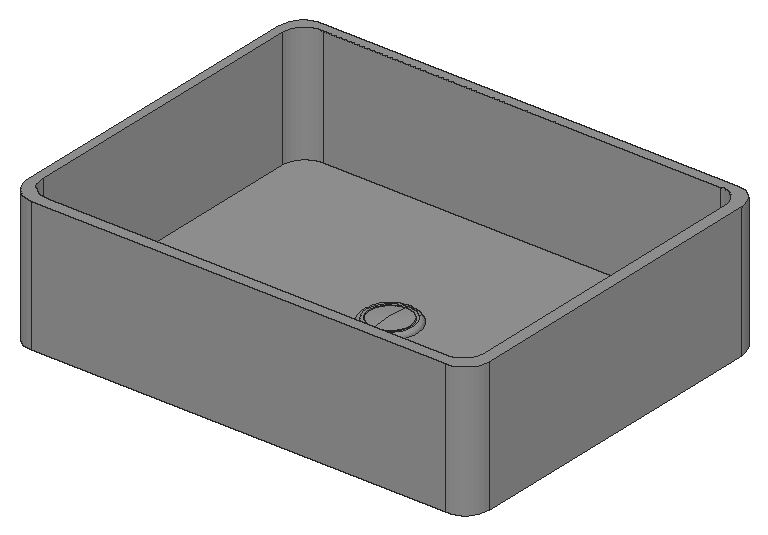
Revit family "Indwe", category Generic Models, Revit 2020
Family settings
  Can host rebar = No
  Round Connector Dimension = Use Diameter
  Part Type = Normal
  Work Plane-Based = No
  Always vertical = Yes
  Cut with Voids When Loaded = No
  Shared = No
  Room Calculation Point = No
Parameters
  Default Elevation = 0 mm
Reference planes
  plane 1 "Center (Front/Back)": y = 0
  plane 2: z = 0
  plane 3 "Center (Left/Right)": x = 0
Forms (mm)
  Extrusion 1, solid, material "Ceramic basin white"
    sketch origin (0, 0, 0) x (1, 0, 0) y (0, 1, 0)
      loop
        line (209.279, 178.732) -> (-210.721, 178.732)
        arc (-210.721, 178.732) -> (-228.399, 171.41) -> (-235.721, 153.732) r 25
        line (-235.721, 153.732) -> (-235.721, -166.268)
        arc (-235.721, -166.268) -> (-228.399, -183.945) -> (-210.721, -191.268) r 25
        line (-210.721, -191.268) -> (209.279, -191.268)
        arc (209.279, -191.268) -> (226.956, -183.945) -> (234.279, -166.268) r 25
        line (234.279, -166.268) -> (234.279, 153.732)
        arc (234.279, 153.732) -> (226.956, 171.41) -> (209.279, 178.732) r 25
      loop
        line (199.949, 169.477) -> (-204.051, 169.477)
        arc (-204.051, 169.477) -> (-220.315, 162.74) -> (-227.051, 146.477) r 23
        line (-227.051, 146.477) -> (-227.051, -157.523)
        arc (-227.051, -157.523) -> (-220.315, -173.787) -> (-204.051, -180.523) r 23
        line (-204.051, -180.523) -> (199.949, -180.523)
        arc (199.949, -180.523) -> (216.212, -173.787) -> (222.949, -157.523) r 23
        line (222.949, -157.523) -> (222.949, 146.477)
        arc (222.949, 146.477) -> (216.212, 162.74) -> (199.949, 169.477) r 23
    from 0 to 135
  Extrusion 2, solid, material "Ceramic basin white"
    sketch origin (0, 0, 0) x (1, 0, 0) y (0, 1, 0)
      loop
        line (-227.051, 146.477) -> (-227.051, -157.523)
        arc (-227.051, -157.523) -> (-220.315, -173.787) -> (-204.051, -180.523) r 23
        line (-204.051, -180.523) -> (199.949, -180.523)
        arc (199.949, -180.523) -> (216.212, -173.787) -> (222.949, -157.523) r 23
        line (222.949, -157.523) -> (222.949, 146.477)
        arc (222.949, 146.477) -> (216.212, 162.74) -> (199.949, 169.477) r 23
        line (199.949, 169.477) -> (-204.051, 169.477)
        arc (-204.051, 169.477) -> (-220.315, 162.74) -> (-227.051, 146.477) r 23
      loop
        circle (0, 0) r 22.5
    from 0 to 15
  Revolve 3, solid, material "Chrome"
    sketch origin (0.016, -0.01, 141.408) x (0, 1, 0) y (0, 0, 1)
      loop
        line (-27.553, -126.408) -> (-20.928, -126.408) -> (-20.928, -122.033) -> (-23.679, -122.033)
        arc (-23.679, -122.033) -> (-26.601, -123.349) -> (-27.553, -126.408) r 3.902
      loop
        arc (0, -120.191) -> (-10.416, -120.65) -> (-20.749, -122.033) r 117.265
        line (-20.749, -122.033) -> (-20.749, -126.408) -> (-2.893, -126.408) -> (-2.893, -140.17) -> (0, -140.17) -> (0, -120.191)
      axis (0, -120.191) -> (0, -140.17)
    angle from 0 to 360
Dimensions and locks
  aligned and locked: level to plane 2
